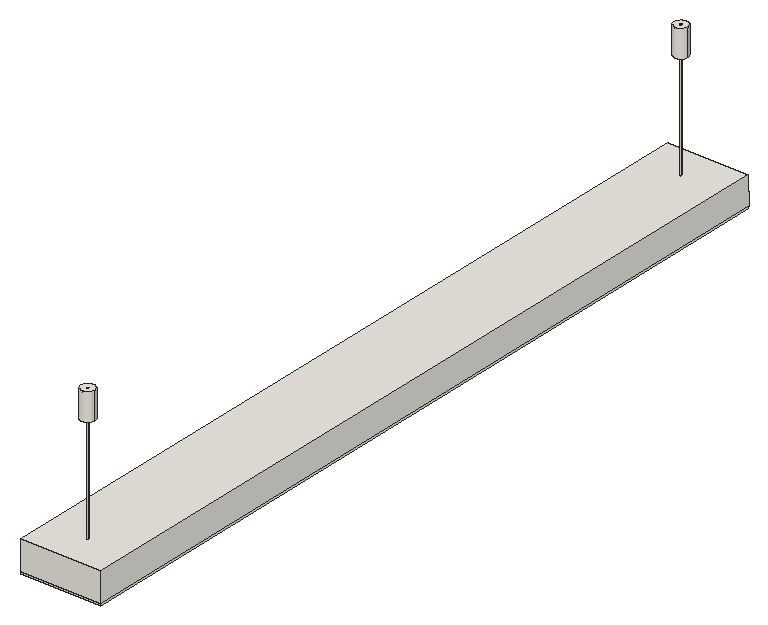
Revit family "ERA_LF_PR_SPO-532", category Осветительные приборы, Revit 2019 (continued)
Definition of nested family "GA_УГО"
  Lines and regions (mm)
    detail lines, visible <- "Прямоугольник"
      curve 3: line (-5, 5, 0) -> (-5, -5, 0)
      curve 4: line (5, 5, 0) -> (-5, 5, 0)
      curve 5: line (5, -5, 0) -> (5, 5, 0)
  Text (mm)
    text "А" at (-0.656, 1.428, 0), visible <- "Аварийный"
  Dimensions and locks
    equal spacing: curve 3, plane 2, curve 5
    equal spacing: curve 2, plane 1, curve 4
    "Ширина": curve 3 to curve 5
    "Длина": curve 2 to curve 4
    "Диаметр": diameter of curve 1
    aligned and locked: plane 2 to curve 1
    aligned and locked: plane 1 to curve 1
Types (4, lengths in mm): name | built-in parameter 1150134 | Файл фотометрической сетки | built-in parameter 1150142 | _УГО_Длина | _УГО_Диаметр | Lumens | Emit from Rectangle Length | _Корпус_Длина | built-in parameter 1150107 | _Подвес_Расстояние | URL | ADSK_Размер_Длина | ADSK_Полная мощность | ADSK_Номинальная мощность | ADSK_Масса | ADSK_Марка | ADSK_Обозначение | ADSK_Наименование
  SPO-532-0-65K-018, LED, IP20, 600х60х23 мм (ДхШхВ), 18 Вт, 6500 К, 1500 лм, класс защиты I, в комплекте (импульсный драйвер, поликарбонат) | SPO-532-0-40K-018.ies | "SPO-532-0-65K-018.ies" | "IESNA:LM-63-1995\r\n[DATA] 14.08.2014\r\n[MANUFAC]??ÐÀ\r\n[LUMCAT] \r\n[LUMINAIRE]  SPO-532-0-65K-018\r\n[LAMP] LED\r\nTILT=NONE\r\n1 1600 1.505 46 37 1 2 0.600 0.060 0.023\r\n1 1 17.6\r\n0.0000 2.0000 4.0000 6.0000 8.0000 10.0000 12.0000 14.0000 16.0000 18.0000 20.0000 22.0000 24.0000 26.0000 28.0000 30.0000 32.0000 34.0000 36.0000 38.0000 40.0000 42.0000 44.0000 46.0000 48.0000 50.0000 52.0000 54.0000 56.0000 58.0000 60.0000 62.0000 64.0000 66.0000 68.0000 70.0000 72.0000 74.0000 76.0000 78.0000 80.0000 82.0000 84.0000 86.0000 88.0000 90.0000 \r\n0.0000 10.0000 20.0000 30.0000 40.0000 50.0000 60.0000 70.0000 80.0000 90.0000 100.0000 110.0000 120.0000 130.0000 140.0000 150.0000 160.0000 170.0000 180.0000 190.0000 200.0000 210.0000 220.0000 230.0000 240.0000 250.0000 260.0000 270.0000 280.0000 290.0000 300.0000 310.0000 320.0000 330.0000 340.0000 350.0000 360.0000 \r\n351.8476 351.8476 351.0617 349.4898 347.6558 345.0360 342.4161 338.7483 334.8185 330.3648 325.1250 320.1473 314.1216 308.0959 301.0223 293.9487 286.6130 278.2295 270.6319 261.7243 253.0788 244.1713 234.4778 225.0463 215.0908 204.8733 194.6558 184.4384 173.9589 163.4795 152.4760 141.7346 130.7312 119.9897 108.9863 98.2449 87.7654 77.0240 66.8065 56.5890 46.3716 36.9401 27.7706 18.6010 10.4795 3.1438 \r\n351.8476 351.8318 351.0459 349.4819 347.6558 345.0281 342.4240 338.7325 334.8185 330.3648 325.1408 320.1473 314.1137 308.0801 301.0223 293.9487 286.6051 278.2374 270.6240 261.7243 253.0709 244.1634 234.4699 225.0384 215.0829 204.8733 194.6637 184.4384 173.9668 163.4953 152.4839 141.7425 130.7391 119.9976 109.0100 98.2607 87.7733 77.0556 66.8302 56.6206 46.4032 36.9717 27.7863 18.6247 10.5032 3.1596 \r\n351.8476 351.7863 351.0004 349.4591 347.6558 345.0053 342.4468 338.6870 334.8185 330.3648 325.1863 320.1473 314.0910 308.0346 301.0223 293.9487 286.5824 278.2601 270.6012 261.7243 253.0481 244.1406 234.4471 225.0156 215.0601 204.8733 194.6865 184.4384 173.9896 163.5408 152.5067 141.7652 130.7618 120.0204 109.0782 98.3062 87.7961 77.1466 66.8985 56.7116 46.4942 37.0627 27.8318 18.6930 10.5714 3.2051 \r\n351.8476 351.7166 350.9307 349.4243 347.6558 344.9705 342.4816 338.6173 334.8185 330.3648 325.2560 320.1473 314.0561 307.9649 301.0223 293.9487 286.5475 278.2950 270.5664 261.7243 253.0133 244.1058 234.4123 224.9808 215.0253 204.8733 194.7213 184.4384 174.0244 163.6105 152.5415 141.8001 130.7967 120.0552 109.1828 98.3759 87.8309 77.2860 67.0030 56.8510 46.6336 37.2021 27.9015 18.7975 10.6759 3.2748 \r\n351.8476 351.6311 350.8452 349.3815 347.6558 344.9277 342.5244 338.5318 334.8185 330.3648 325.3415 320.1473 314.0134 307.8794 301.0223 293.9487 286.5048 278.3377 270.5236 261.7243 252.9705 244.0630 234.3695 224.9380 214.9825 204.8733 194.7641 184.4384 174.0672 163.6960 152.5843 141.8428 130.8394 120.0980 109.3111 98.4614 87.8737 77.4570 67.1313 57.0220 46.8046 37.3731 27.9870 18.9258 10.8042 3.3603 \r\n351.8476 351.5401 350.7542 349.3360 347.6558 344.8822 342.5699 338.4408 334.8185 330.3648 325.4325 320.1473 313.9679 307.7884 301.0223 293.9487 286.4593 278.3832 270.4781 261.7243 252.9250 244.0175 234.3240 224.8925 214.9370 204.8733 194.8096 184.4384 174.1127 163.7869 152.6298 141.8883 130.8849 120.1435 109.4475 98.5524 87.9192 77.6389 67.2677 57.2040 46.9865 37.5550 28.0780 19.0623 10.9407 3.4513 \r\n351.8476 351.4546 350.6687 349.2933 347.6558 344.8395 342.6126 338.3553 334.8185 330.3648 325.5180 320.1473 313.9251 307.7029 301.0223 293.9487 286.4165 278.4260 270.4354 261.7243 252.8823 243.9748 234.2813 224.8498 214.8943 204.8733 194.8523 184.4384 174.1554 163.8724 152.6725 141.9311 130.9277 120.1862 109.5758 98.6379 87.9619 77.8099 67.3960 57.3750 47.1575 37.7260 28.1635 19.1905 11.0689 3.5368 \r\n351.8476 351.3849 350.5990 349.2584 347.6558 344.8046 342.6475 338.2856 334.8185 330.3648 325.5877 320.1473 313.8903 307.6332 301.0223 293.9487 286.3817 278.4608 270.4005 261.7243 252.8474 243.9399 234.2464 224.8149 214.8594 204.8733 194.8872 184.4384 174.1903 163.9421 152.7074 141.9659 130.9625 120.2211 109.6803 98.7076 87.9968 77.9493 67.5005 57.5144 47.2969 37.8654 28.2332 19.2950 11.1735 3.6065 \r\n351.8476 351.3395 350.5535 349.2357 347.6558 344.7819 342.6702 338.2401 334.8185 330.3648 325.6332 320.1473 313.8675 307.5877 301.0223 293.9487 286.3589 278.4836 270.3778 261.7243 252.8247 243.9172 234.2237 224.7922 214.8367 204.8733 194.9099 184.4384 174.2130 163.9876 152.7301 141.9887 130.9853 120.2438 109.7486 98.7530 88.0195 78.0403 67.5688 57.6054 47.3879 37.9564 28.2787 19.3633 11.2417 3.6520 \r\n351.8476 351.3237 350.5377 349.2278 347.6558 344.7740 342.6781 338.2243 334.8185 330.3648 325.6490 320.1473 313.8596 307.5719 301.0223 293.9487 286.3510 278.4915 270.3699 261.7243 252.8168 243.9093 234.2158 224.7843 214.8288 204.8733 194.9178 184.4384 174.2209 164.0034 152.7380 141.9966 130.9932 120.2517 109.7723 98.7688 88.0274 78.0719 67.5925 57.6370 47.4195 37.9880 28.2945 19.3870 11.2654 3.6678 \r\n351.8476 351.3237 350.5140 349.2278 347.6242 344.7424 342.6307 338.2006 334.7790 330.2936 325.5700 320.0604 313.7727 307.5008 300.9433 293.8776 286.2799 278.4204 270.2751 261.6295 252.7220 243.8066 234.1210 224.7132 214.7656 204.8259 194.8704 184.4068 174.1893 163.9560 152.7143 141.9650 130.9695 120.2122 109.7328 98.7293 87.9879 78.0087 67.5214 57.5580 47.3405 37.9011 28.2392 19.3080 11.1396 3.6196 \r\n351.8476 351.3237 350.4458 349.2278 347.5333 344.6514 342.4942 338.1324 334.6653 330.0889 325.3425 319.8102 313.5225 307.2961 300.7158 293.6728 286.0752 278.2156 270.0021 261.3566 252.4490 243.5109 233.8480 224.5084 214.5836 204.6894 194.7339 184.3158 174.0983 163.8196 152.6461 141.8740 130.9012 120.0985 109.6190 98.6156 87.8742 77.8267 67.3166 57.3305 47.1131 37.6509 28.0800 19.0805 10.7775 3.4808 \r\n351.8476 351.3237 350.3412 349.2278 347.3939 344.5120 342.2851 338.0278 334.4910 329.7753 324.9940 319.4268 313.1391 306.9825 300.3673 293.3592 285.7616 277.9020 269.5839 260.9384 252.0308 243.0578 233.4298 224.1948 214.3048 204.4803 194.5248 184.1764 173.9589 163.6105 152.5415 141.7346 130.7967 119.9242 109.4448 98.4414 87.6999 77.5479 67.0030 56.9820 46.7645 37.2675 27.8360 18.7320 10.2226 3.2682 \r\n351.8476 351.3237 350.2130 349.2278 347.2229 344.3410 342.0286 337.8996 334.2773 329.3905 324.5665 318.9566 312.6689 306.5977 299.9398 292.9744 285.3768 277.5172 269.0709 260.4254 251.5178 242.5020 232.9168 223.8100 213.9628 204.2238 194.2683 184.0054 173.7879 163.3540 152.4133 141.5636 130.6684 119.7105 109.2310 98.2276 87.4862 77.2059 66.6182 56.5545 46.3370 36.7973 27.5368 18.3045 9.5420 3.0074 \r\n351.8476 351.3237 350.0765 349.2278 347.0409 344.1590 341.7557 337.7631 334.0498 328.9811 324.1116 318.4561 312.1685 306.1883 299.4849 292.5650 284.9674 277.1078 268.5250 259.8794 250.9719 241.9106 232.3709 223.4006 213.5989 203.9509 193.9954 183.8234 173.6059 163.0810 152.2768 141.3816 130.5319 119.4830 109.0036 98.0001 87.2587 76.8420 66.2088 56.0996 45.8821 36.2969 27.2183 17.8496 8.8176 2.7298 \r\n351.8476 351.3237 349.9482 349.2278 346.8699 343.9880 341.4992 337.6349 333.8361 328.5963 323.6841 317.9859 311.6982 305.8035 299.0574 292.1802 284.5826 276.7230 268.0120 259.3664 250.4589 241.3549 231.8579 223.0158 213.2569 203.6944 193.7389 183.6524 173.4349 162.8245 152.1486 141.2106 130.4037 119.2693 108.7898 97.7864 87.0449 76.5000 65.8241 55.6721 45.4546 35.8266 26.9191 17.4221 8.1370 2.4690 \r\n351.8476 351.3237 349.8437 349.2278 346.7305 343.8486 341.2901 337.5303 333.6618 328.2827 323.3356 317.6025 311.3149 305.4899 298.7089 291.8666 284.2690 276.4094 267.5938 258.9482 250.0407 240.9018 231.4397 222.7022 212.9781 203.4853 193.5298 183.5130 173.2955 162.6154 152.0440 141.0712 130.2991 119.0950 108.6156 97.6121 86.8707 76.2212 65.5104 55.3236 45.1061 35.4433 26.6751 17.0736 7.5821 2.2564 \r\n351.8476 351.3237 349.7754 349.2278 346.6395 343.7577 341.1536 337.4621 333.5481 328.0780 323.1081 317.3523 311.0647 305.2852 298.4814 291.6619 284.0643 276.2047 267.3208 258.6753 249.7678 240.6061 231.1667 222.4975 212.7961 203.3488 193.3933 183.4220 173.2046 162.4789 151.9758 140.9802 130.2309 118.9813 108.5018 97.4984 86.7570 76.0392 65.3057 55.0961 44.8787 35.1931 26.5159 16.8461 7.2200 2.1176 \r\n351.8476 351.3237 349.7517 349.2278 346.6079 343.7261 341.1062 337.4384 333.5086 328.0069 323.0291 317.2654 310.9778 305.2141 298.4024 291.5908 283.9932 276.1336 267.2260 258.5805 249.6730 240.5034 231.0719 222.4264 212.7329 203.3014 193.3459 183.3904 173.1730 162.4315 151.9521 140.9486 130.2072 118.9418 108.4623 97.4589 86.7175 75.9760 65.2346 55.0171 44.7997 35.1062 26.4606 16.7671 7.0942 2.0694 \r\n351.8476 351.3237 349.7517 349.1962 346.6079 343.7182 341.0904 337.4068 333.4770 327.9990 323.0212 317.2496 310.9778 305.1904 298.3866 291.5671 283.9537 276.0941 267.2023 258.5489 249.6572 240.5034 231.0798 222.4185 212.7092 203.2540 193.2906 183.3272 173.0861 162.3762 151.9047 140.9091 130.1677 118.9260 108.4386 97.4510 86.7175 75.9918 65.2662 55.0487 44.8313 35.1378 26.4237 16.5392 6.9539 2.0212 \r\n351.8476 351.3237 349.7517 349.1052 346.6079 343.6954 341.0449 337.3158 333.3860 327.9762 322.9985 317.2041 310.9778 305.1221 298.3411 291.4988 283.8399 275.9803 267.1341 258.4579 249.6117 240.5034 231.1026 222.3957 212.6409 203.1175 193.1314 183.1452 172.8358 162.2170 151.7682 140.7954 130.0540 118.8805 108.3704 97.4283 86.7175 76.0373 65.3572 55.1397 44.9223 35.2288 26.3174 15.8831 6.5498 1.8823 \r\n351.8476 351.3237 349.7517 348.9658 346.6079 343.6606 340.9752 337.1764 333.2466 327.9414 322.9636 317.1344 310.9778 305.0176 298.2714 291.3943 283.6657 275.8061 267.0296 258.3185 249.5420 240.5034 231.1374 222.3609 212.5364 202.9084 192.8874 182.8664 172.4525 161.9730 151.5591 140.6211 129.8797 118.8108 108.2658 97.3934 86.7175 76.1070 65.4966 55.2791 45.0617 35.3682 26.1545 14.8778 5.9308 1.6695 \r\n351.8476 351.3237 349.7517 348.7948 346.6079 343.6178 340.8897 337.0054 333.0756 327.8986 322.9209 317.0489 310.9778 304.8893 298.1859 291.2660 283.4519 275.5923 266.9013 258.1475 249.4565 240.5034 231.1802 222.3181 212.4081 202.6519 192.5882 182.5244 171.9822 161.6738 151.3026 140.4074 129.6660 118.7253 108.1376 97.3507 86.7175 76.1925 65.6676 55.4501 45.2327 35.5392 25.9548 13.6446 5.1715 1.4084 \r\n351.8476 351.3237 349.7517 348.6128 346.6079 343.5723 340.7987 336.8234 332.8936 327.8531 322.8754 316.9580 310.9778 304.7528 298.0949 291.1295 283.2245 275.3649 266.7648 257.9655 249.3655 240.5034 231.2257 222.2726 212.2717 202.3789 192.2697 182.1605 171.4818 161.3553 151.0296 140.1799 129.4385 118.6343 108.0011 97.3052 86.7175 76.2835 65.8496 55.6321 45.4146 35.7211 25.7422 12.3323 4.3634 1.1306 \r\n351.8476 351.3237 349.7517 348.4418 346.6079 343.5296 340.7132 336.6524 332.7226 327.8104 322.8326 316.8725 310.9778 304.6246 298.0094 291.0013 283.0107 275.1511 266.6366 257.7945 249.2800 240.5034 231.2684 222.2299 212.1434 202.1224 191.9705 181.8185 171.0115 161.0561 150.7731 139.9662 129.2247 118.5488 107.8729 97.2624 86.7175 76.3690 66.0206 55.8031 45.5856 35.8921 25.5424 11.0992 3.6040 0.8696 \r\n351.8476 351.3237 349.7517 348.3024 346.6079 343.4947 340.6435 336.5130 332.5832 327.7755 322.7978 316.8028 310.9778 304.5200 297.9397 290.8968 282.8365 274.9769 266.5320 257.6551 249.2103 240.5034 231.3033 222.1950 212.0389 201.9133 191.7265 181.5397 170.6282 160.8121 150.5640 139.7919 129.0505 118.4791 107.7683 97.2276 86.7175 76.4387 66.1600 55.9425 45.7250 36.0315 25.3795 10.0939 2.9850 0.6568 \r\n351.8476 351.3237 349.7517 348.2114 346.6079 343.4720 340.5980 336.4220 332.4922 327.7528 322.7750 316.7573 310.9778 304.4518 297.8942 290.8285 282.7227 274.8631 266.4638 257.5641 249.1648 240.5034 231.3260 222.1723 211.9706 201.7769 191.5673 181.3577 170.3780 160.6529 150.4275 139.6782 128.9368 118.4336 107.7001 97.2048 86.7175 76.4842 66.2509 56.0335 45.8160 36.1225 25.2732 9.4378 2.5810 0.5179 \r\n351.8476 351.3237 349.7517 348.1798 346.6079 343.4641 340.5822 336.3904 332.4606 327.7449 322.7671 316.7415 310.9778 304.4281 297.8784 290.8048 282.6832 274.8237 266.4401 257.5326 249.1490 240.5034 231.3339 222.1644 211.9469 201.7295 191.5120 181.2945 170.2911 160.5976 150.3801 139.6387 128.8973 118.4178 107.6764 97.1969 86.7175 76.5000 66.2825 56.0651 45.8476 36.1541 25.2363 9.2100 2.4407 0.4697 \r\n351.8476 351.3395 349.7912 348.2193 346.6395 343.5115 340.6375 336.4615 332.5318 327.8239 322.8383 316.8442 311.0726 304.5387 297.9733 290.8996 282.8018 274.9264 266.5665 257.6590 249.2675 240.6141 231.4287 222.2513 212.0417 201.8243 191.6068 181.3893 170.4017 160.6845 150.4434 139.7019 128.9526 118.4652 107.7159 97.2285 86.7491 76.5158 66.2983 56.0809 45.8634 36.1778 25.3128 9.4932 2.6831 0.5503 \r\n351.8476 351.3850 349.9050 348.3331 346.7305 343.6480 340.7968 336.6663 332.7365 328.0514 323.0430 317.1399 311.3455 304.8572 298.2462 291.1726 283.1430 275.2221 266.9305 258.0229 249.6087 240.9325 231.7017 222.5015 212.3147 202.0973 191.8798 181.6623 170.7202 160.9347 150.6253 139.8839 129.1118 118.6017 107.8296 97.3195 86.8401 76.5613 66.3438 56.1264 45.9089 36.2461 25.5328 10.3086 3.3811 0.7825 \r\n351.8476 351.4547 350.0792 348.5073 346.8699 343.8571 341.0407 336.9799 333.0501 328.3999 323.3566 317.5930 311.7638 305.3451 298.6644 291.5908 283.6657 275.6751 267.4881 258.5805 250.1315 241.4204 232.1199 222.8849 212.7329 202.5155 192.2980 182.0805 171.2081 161.3181 150.9041 140.1627 129.3558 118.8108 108.0039 97.4589 86.9795 76.6310 66.4135 56.1961 45.9786 36.3506 25.8699 11.5578 4.4505 1.1382 \r\n351.8476 351.5402 350.2930 348.7211 347.0409 344.1136 341.3400 337.3647 333.4349 328.8274 323.7414 318.1487 312.2768 305.9436 299.1774 292.1038 284.3070 276.2309 268.1721 259.2645 250.7727 242.0189 232.6329 223.3551 213.2459 203.0285 192.8110 182.5935 171.8066 161.7884 151.2461 140.5047 129.6550 119.0673 108.2176 97.6299 87.1505 76.7165 66.4990 56.2816 46.0641 36.4789 26.2834 13.0902 5.7622 1.5746 \r\n351.8476 351.6311 350.5205 348.9485 347.2229 344.3865 341.6584 337.7741 333.8443 329.2823 324.1508 318.7401 312.8227 306.5805 299.7234 292.6497 284.9894 276.8223 268.9000 259.9924 251.4551 242.6558 233.1788 223.8556 213.7919 203.5744 193.3569 183.1395 172.4435 162.2888 151.6101 140.8687 129.9735 119.3403 108.4451 97.8119 87.3324 76.8075 66.5900 56.3726 46.1551 36.6153 26.7235 14.7210 7.1581 2.0390 \r\n351.8476 351.7166 350.7342 349.1623 347.3939 344.6430 341.9577 338.1589 334.2291 329.7098 324.5356 319.2959 313.3357 307.1790 300.2364 293.1627 285.6306 277.3781 269.5840 260.6764 252.0964 243.2543 233.6918 224.3258 214.3048 204.0874 193.8699 183.6524 173.0420 162.7590 151.9521 141.2107 130.2727 119.5968 108.6588 97.9829 87.5034 76.8930 66.6755 56.4581 46.2406 36.7436 27.1370 16.2534 8.4699 2.4753 \r\n351.8476 351.7863 350.9084 349.3365 347.5333 344.8521 342.2016 338.4725 334.5427 330.0583 324.8492 319.7489 313.7539 307.6669 300.6546 293.5809 286.1534 277.8311 270.1416 261.2340 252.6191 243.7422 234.1100 224.7092 214.7230 204.5056 194.2881 184.0706 173.5299 163.1424 152.2309 141.4894 130.5167 119.8059 108.8331 98.1223 87.6428 76.9627 66.7452 56.5278 46.3103 36.8481 27.4741 17.5026 9.5392 2.8310 \r\n351.8476 351.8318 351.0222 349.4503 347.6243 344.9886 342.3608 338.6772 334.7474 330.2858 325.0539 320.0446 314.0268 307.9853 300.9275 293.8539 286.4946 278.1268 270.5055 261.5980 252.9603 244.0607 234.3830 224.9594 214.9960 204.7785 194.5611 184.3436 173.8483 163.3926 152.4129 141.6714 130.6759 119.9423 108.9468 98.2133 87.7338 77.0082 66.7907 56.5732 46.3558 36.9164 27.6941 18.3179 10.2371 3.0632 \r\n351.8476 351.8476 351.0617 349.4898 347.6558 345.0360 342.4161 338.7483 334.8185 330.3648 325.1250 320.1473 314.1216 308.0959 301.0223 293.9487 286.6130 278.2295 270.6319 261.7243 253.0788 244.1713 234.4778 225.0463 215.0908 204.8733 
    194.6558 184.4384 173.9589 163.4795 152.4760 141.7346 130.7312 119.9897 108.9863 98.2449 87.7654 77.0240 66.8065 56.5890 46.3716 36.9401 27.7706 18.6010 10.4795 3.1438 \r\n" | 6.00 | 6.00 | 1500 lm | 600.00 | 600.00 | 6500 (stored number, unit not read) | 550.00 | "https://www.eraworld.ru/catalog/2650724" | 600.00 | 20 VA | 18 W | 0.3 | "SPO-532-0-65K-018" | "SPO-532-0-65K-018" | "Светильник, LED, прямоугольный, подвесной, IP20, 600х60х23 мм (ДхШхВ), 18 Вт, 6500 К, 1500 лм, класс защиты I, в комплекте (импульсный драйвер, поликарбонат)"
